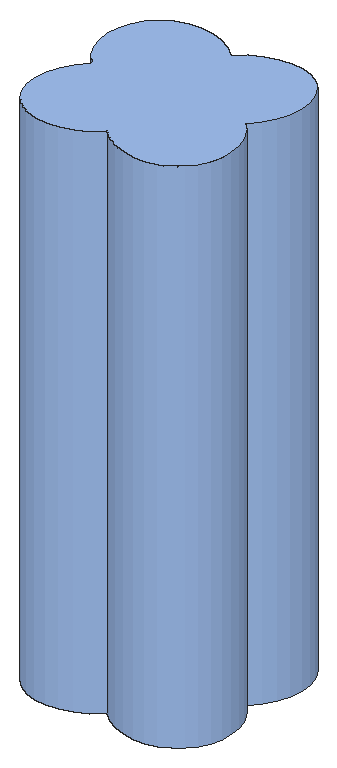
Revit family "$Player_Sheep", category Generic Models, Revit 2020
Family settings
  Can host rebar = No
  Round Connector Dimension = Use Diameter
  Part Type = Normal
  Work Plane-Based = No
  Always vertical = Yes
  Cut with Voids When Loaded = No
  Shared = No
  Room Calculation Point = No
Parameters (values of type "SD")
  yes = 2 > 1  # yes
  show_standard [instance] = not(show_overweight)  # yes
  show_overweight [instance] = _property_is_overweight  # no
  no = not(yes)  # no
  mat. = team #1
  _property_team = "team #1"
  _property_positionID = -50
  _property_name = "Jokin"
  _property_luck = 50
  _property_is_overweight = no
  _property_hold_status = "Starter"
  _property_hold_amount = 1
  _asset_tools = ""
  _asset_skills = ""
  _asset_money = 1000
  _asset_direction = 1
  Default Elevation = 0 mm
Reference planes
  plane 1 "Center (Front/Back)": y = 0
  plane 2: z = 0
  plane 3 "Center (Left/Right)": x = 0
Forms (mm)
  Extrusion 1, solid, material "team #1" <- "mat.", visible <- "show_standard"
    sketch origin (0, 0, 0) x (1, 0, 0) y (0, 1, 0)
      loop
        spline (0, 260) -> (-42.496, 293.637) -> (-90.956, 316.122) -> (-142.076, 325.924) -> (-192.373, 322.373) -> (-238.42, 305.713) -> (-277.078, 277.078) -> (-305.713, 238.42) -> (-322.373, 192.373) -> (-325.924, 142.076) -> (-316.122, 90.956) -> (-293.637, 42.496) -> (-260, 0)
        spline (-260, 0) -> (-293.637, -42.496) -> (-316.122, -90.956) -> (-325.924, -142.076) -> (-322.373, -192.373) -> (-305.713, -238.42) -> (-277.078, -277.078) -> (-238.42, -305.713) -> (-192.373, -322.373) -> (-142.076, -325.924) -> (-90.956, -316.122) -> (-42.496, -293.637) -> (0, -260)
        spline (0, -260) -> (42.496, -293.637) -> (90.956, -316.122) -> (142.076, -325.924) -> (192.373, -322.373) -> (238.42, -305.713) -> (277.078, -277.078) -> (305.713, -238.42) -> (322.373, -192.373) -> (325.924, -142.076) -> (316.122, -90.956) -> (293.637, -42.496) -> (260, 0)
        spline (260, 0) -> (293.637, 42.496) -> (316.122, 90.956) -> (325.924, 142.076) -> (322.373, 192.373) -> (305.713, 238.42) -> (277.078, 277.078) -> (238.42, 305.713) -> (192.373, 322.373) -> (142.076, 325.924) -> (90.956, 316.122) -> (42.496, 293.637) -> (0, 260)
    from 0 to 1750
  Extrusion 2, solid, material "team #1" <- "mat.", visible <- "show_overweight"
    sketch origin (0, 0, 0) x (1, 0, 0) y (0, 1, 0)
      loop
        spline (0, 500) -> (-81.724, 564.687) -> (-174.915, 607.928) -> (-273.223, 626.777) -> (-369.949, 619.949) -> (-458.5, 587.91) -> (-532.843, 532.843) -> (-587.91, 458.5) -> (-619.949, 369.949) -> (-626.777, 273.223) -> (-607.928, 174.915) -> (-564.687, 81.724) -> (-500, 0)
        spline (-500, 0) -> (-564.687, -81.724) -> (-607.928, -174.915) -> (-626.777, -273.223) -> (-619.949, -369.949) -> (-587.91, -458.5) -> (-532.843, -532.843) -> (-458.5, -587.91) -> (-369.949, -619.949) -> (-273.223, -626.777) -> (-174.915, -607.928) -> (-81.724, -564.687) -> (0, -500)
        spline (0, -500) -> (81.724, -564.687) -> (174.915, -607.928) -> (273.223, -626.777) -> (369.949, -619.949) -> (458.5, -587.91) -> (532.843, -532.843) -> (587.91, -458.5) -> (619.949, -369.949) -> (626.777, -273.223) -> (607.928, -174.915) -> (564.687, -81.724) -> (500, 0)
        spline (500, 0) -> (564.687, 81.724) -> (607.928, 174.915) -> (626.777, 273.223) -> (619.949, 369.949) -> (587.91, 458.5) -> (532.843, 532.843) -> (458.5, 587.91) -> (369.949, 619.949) -> (273.223, 626.777) -> (174.915, 607.928) -> (81.724, 564.687) -> (0, 500)
    from 0 to 1300
Dimensions and locks
  aligned and locked: plane 2 to level
  aligned and locked: plane 1 "Center (Front/Back)" to nested 1
  aligned and locked: plane 3 "Center (Left/Right)" to nested 1
Nested families
  nested 1: "NAME_SYMBOL" at (0, 0, 0), _property_name <- "_property_name", _property_positionID <- "_property_positionID", type "NAME_SYMBOL"
    with _property_positionID -50, _property_name "Jokin"
Definition of nested family "NAME_SYMBOL"
  Parameters (values of type "NAME_SYMBOL")
    _property_positionID [instance] = 0
    _property_name [instance] = ""
  Reference planes
    plane 1: y = 0
    plane 2: x = 0
  Lines and regions (mm)
    detail lines
      curve 1: line (-15, -5, 0) -> (15, -5, 0)
      curve 2: line (-15, 5, 0) -> (-15, -5, 0)
      curve 3: line (15, 5, 0) -> (-15, 5, 0)
      curve 4: line (15, -5, 0) -> (15, 5, 0)
  Text (mm)
    label "A\npositionID = _property_positionID" at (0.077, 0.299, 0), shows "_property_name", "_property_positionID"
